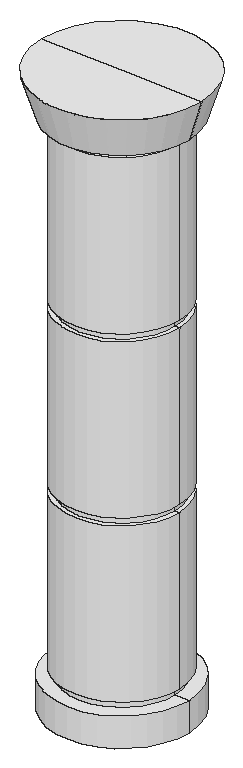
Revit family "M_Coluna com revestimento de metal", category Colunas, Revit 2019
Family settings
  Número OmniClass = 23.25.30.11.14.11
  Título OmniClass = Columns
  ID de item do Seek = Metal Clad Column-0000-CAN-ENU
  Corte com vazios quando carregada = Não
  Unir automaticamente geometria às paredes = Sim
  Compartilhado = Não
  Exibir o pré-corte da família na vista da planta = Sim
Parameters (values of type "610 mm Diâmetro")
  Base = 152.00 mm
  Principal = 203.00 mm
  Diâmetro = 610.00 mm
  Material = Alumín. 1
  Profundidade da junta = 25.00 mm
  Largura da junta = 38.00 mm
  Nível base de deslocamento = 0.00 mm
  Nível superior de deslocamento = 0.00 mm
Reference planes
  plane 1: y = 0
  plane 2: z = 0
  plane 3: x = 0
  plane 4: x = -305
  plane 5: x = 305
  plane 6: y = 305
  plane 7: y = -305
  plane 8: z = 152
  plane 9: z = 171
  plane 10: z = 190
  plane 11: z = 2778
  plane 12: z = 2797
  plane 13: z = 2759
  plane 14: z = 1909
  plane 15: z = 1040
  plane 16: z = 3000
  plane 17: z = 0
Forms (mm)
  Revolve 1, solid, material "Alumín. 1" <- "Material"
    sketch origin (0, 0, 0) x (1, 0, 0) y (0, 0, 1)
      loop
        line (0, 0) -> (-355.8, 0) -> (-355.8, 152) -> (-280, 152) -> (-280, 190) -> (-305, 190) -> (-305, 1021) -> (-280, 1021) -> (-280, 1059) -> (-305, 1059) -> (-305, 1890) -> (-280, 1890) -> (-280, 1928) -> (-305, 1928) -> (-305, 2759) -> (-280, 2759) -> (-280, 2797) -> (-355.8, 2797) -> (-419.3, 3000) -> (0, 3000)
      axis (0, 3000) -> (0, 0)
    angle from 0 to 360
Lines and regions (mm)
  symbolic lines, style "Columns"
    curve 1: arc (-280, 0, 0) -> (0, 280, 0) -> (280, 0, 0) r 280
    curve 2: arc (280, 0, 0) -> (0, -280, 0) -> (-280, 0, 0) r 280
    curve 3: arc (-305, 0, 0) -> (0, 305, 0) -> (305, 0, 0) r 305
    curve 4: arc (305, 0, 0) -> (0, -305, 0) -> (-305, 0, 0) r 305
  symbolic lines
    curve 5: arc (-355.8, 0, 0) -> (0, 355.8, 0) -> (355.8, 0, 0) r 355.8
    curve 6: arc (355.8, 0, 0) -> (0, -355.8, 0) -> (-355.8, 0, 0) r 355.8
Dimensions and locks
  equal spacing: plane 4, plane 3, plane 5
  equal spacing: plane 7, plane 1, plane 6
  "Diâmetro": plane 4 to plane 5
  "Diâmetro": plane 7 to plane 6
  equal spacing: plane 12, plane 11, plane 13
  equal spacing: plane 10, plane 9, plane 8
  equal spacing: plane 11, plane 14, plane 15, plane 9
  "Largura da junta": plane 12 to plane 13
  equal spacing: Revolve 1 sketch curve, plane 14, Revolve 1 sketch curve
  "Largura da junta": Revolve 1 sketch curve to Revolve 1 sketch curve  (x2)
  equal spacing: Revolve 1 sketch curve, plane 15, Revolve 1 sketch curve
  "Largura da junta": plane 10 to plane 8
  "Profundidade da junta": plane 4 to Revolve 1 sketch curve  (x4)
  "Nível base de deslocamento": plane 17 to level
  "Nível superior de deslocamento": level to plane 16
  "Base": plane 8 to plane 17
  "Principal": plane 16 to plane 12
  aligned and locked: plane 17 to Revolve 1 sketch curve
  aligned and locked: Revolve 1 sketch curve to plane 16
  aligned and locked: curve 1 to Revolve 1
  aligned and locked: curve 3 to Revolve 1
  aligned and locked: curve 5 to Revolve 1
Automatic sketch dimensions
  Revolve 1 sketch curve to plane 8 = 0.00 mm
  Revolve 1 sketch curve to plane 12 = 0.00 mm
  Revolve 1 sketch curve to plane 4 = 0.00 mm  (x3)
  Revolve 1 sketch curve to plane 13 = 0.00 mm
  Revolve 1 sketch curve to plane 10 = 0.00 mm
  Revolve 1 sketch curve to plane 3 = 0.00 mm
  plane 4 to Revolve 1 sketch curve = 114.30 mm
  plane 4 to Revolve 1 sketch curve = 50.80 mm  (x2)
